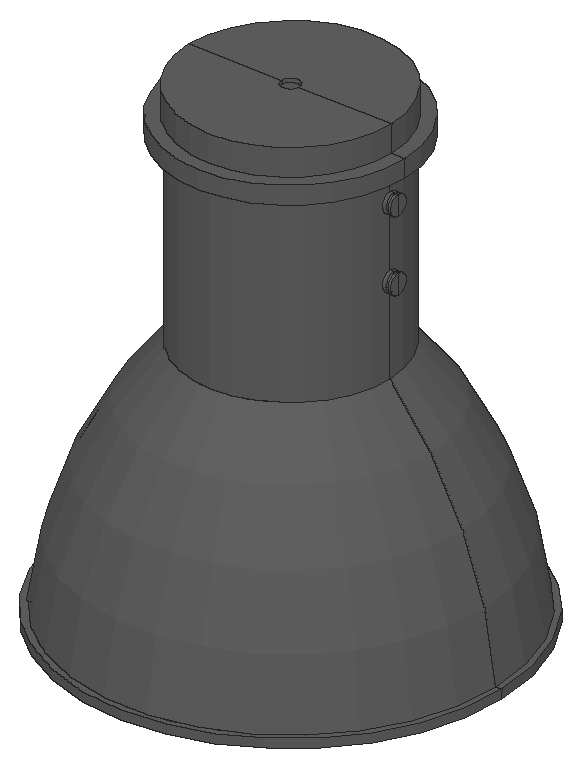
Revit family "FAP12", category Lighting Fixtures, Revit 2024
Family settings
  Round Connector Dimension = Use Diameter
  Part Type = Normal
  OmniClass Number = 23.80.70.00
  OmniClass Title = Lighting
  Work Plane-Based = No
  Always vertical = Yes
  Cut with Voids When Loaded = No
  Light Source = No
  Maintain Annotation Orientation = No
  Shared = No
  Room Calculation Point = No
Parameters
  Default Elevation = 0' - 0"
Reference planes (in)
  plane 1 "Light Source Axis (F/B)": y = 0
  plane 2: z = 0
  plane 3 "Light Source Axis (L/R)": x = 0
  plane 4 "Light Source Elevation": z = 54
Forms (in)
  Revolve 1, solid, material "41"
    sketch origin (0, 0, 0) x (1, 0, 0) y (0, 0, 1)
      loop
        line (2.875, 67.5) -> (0.25, 67.5) -> (0.25, 67.40625) -> (2.78125, 67.40625) -> (2.78125, 66.65625) -> (3.15625, 66.65625) -> (3.15625, 66.34375) -> (3, 66.34375)
        arc (3, 66.34375) -> (2.80113, 66.26137) -> (2.71875, 66.0625) r 0.28125
        line (2.71875, 66.0625) -> (2.71875, 60.96303)
        arc (2.71875, 60.96303) -> (4.80558, 57.81696) -> (5.74365, 54.16011) r 11.33663
        line (5.74365, 54.16011) -> (5.90461, 54.16011) -> (5.90461, 54) -> (5.99836, 54) -> (5.99836, 54.25386) -> (5.82952, 54.25386)
        arc (5.82952, 54.25386) -> (4.88125, 57.87748) -> (2.8125, 61) r 11.43038
        line (2.8125, 61) -> (2.8125, 66.0625)
        arc (2.8125, 66.0625) -> (2.86742, 66.19508) -> (3, 66.25) r 0.1875
        line (3, 66.25) -> (3.25, 66.25) -> (3.25, 66.75) -> (2.875, 66.75) -> (2.875, 67.5)
      axis (0, 67.5) -> (0, 54)
    angle from 0 to 360
  Revolve 2, solid, material "41"
    sketch origin (-0.6875, 0, -6.375) x (1, 0, 0) y (0, 0, 1)
      loop
        line (3.5, 71.875) -> (3.75, 71.875) -> (3.75, 72.145) -> (3.686, 72.145) -> (3.686, 72.105)
        arc (3.686, 72.105) -> (3.633, 72.052) -> (3.58, 72.105) r 0.053
        arc (3.58, 72.105) -> (3.54, 72.145) -> (3.5, 72.105) r 0.04
        line (3.5, 72.105) -> (3.5, 71.875)
      axis (3.75, 71.875) -> (3.5, 71.875)
    angle from 0 to 360
  Revolve 3, solid, material "41"
    sketch origin (-0.6875, 0, -8.375) x (1, 0, 0) y (0, 0, 1)
      loop
        line (3.5, 71.875) -> (3.75, 71.875) -> (3.75, 72.145) -> (3.686, 72.145) -> (3.686, 72.105)
        arc (3.686, 72.105) -> (3.633, 72.052) -> (3.58, 72.105) r 0.053
        arc (3.58, 72.105) -> (3.54, 72.145) -> (3.5, 72.105) r 0.04
        line (3.5, 72.105) -> (3.5, 71.875)
      axis (3.75, 71.875) -> (3.5, 71.875)
    angle from 0 to 360
  Revolve 4, solid, material "41"
    sketch origin (0.6875, 0, -8.375) x (-1, 0, 0) y (0, 0, -1)
      loop
        line (3.5, -71.875) -> (3.5, -72.105)
        arc (3.5, -72.105) -> (3.54, -72.145) -> (3.58, -72.105) r 0.04
        arc (3.58, -72.105) -> (3.633, -72.052) -> (3.686, -72.105) r 0.053
        line (3.686, -72.105) -> (3.686, -72.145) -> (3.75, -72.145) -> (3.75, -71.875) -> (3.5, -71.875)
      axis (3.75, -71.875) -> (3.5, -71.875)
    angle from 0 to 360
  Revolve 5, solid, material "41"
    sketch origin (0.6875, 0, -6.3745) x (-1, 0, 0) y (0, 0, -1)
      loop
        line (3.5, -71.875) -> (3.5, -72.105)
        arc (3.5, -72.105) -> (3.54, -72.145) -> (3.58, -72.105) r 0.04
        arc (3.58, -72.105) -> (3.633, -72.052) -> (3.686, -72.105) r 0.053
        line (3.686, -72.105) -> (3.686, -72.145) -> (3.75, -72.145) -> (3.75, -71.875) -> (3.5, -71.875)
      axis (3.75, -71.875) -> (3.5, -71.875)
    angle from 0 to 360
Dimensions and locks (in)
  aligned and locked: level to plane 2
